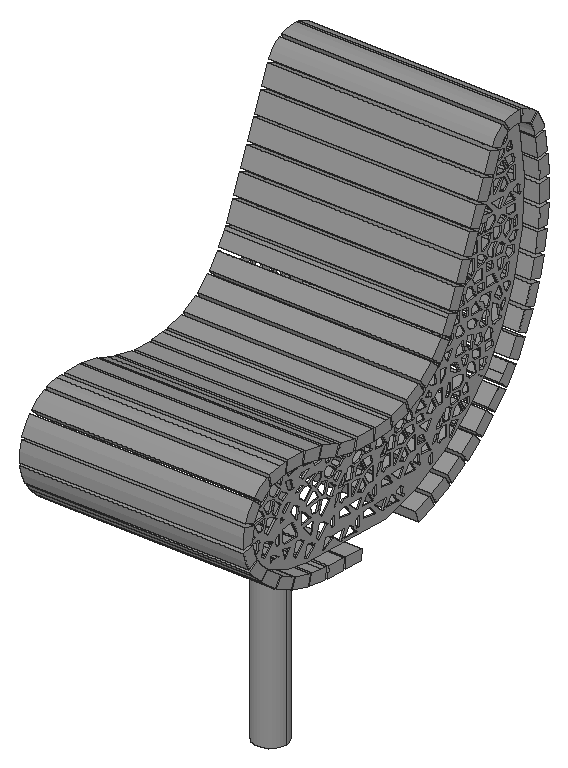
Revit family "Кресло стальное «Филигран Уно» Арт 14883", category Антураж, Revit 2018 (continued)
Automatic sketch dimensions
  Extrusion 3 sketch curve to Extrusion 3 sketch curve = 15.234 mm  (x2)
  Extrusion 3 sketch curve to Extrusion 3 sketch curve = 5.509 mm  (x3)
  Extrusion 3 sketch curve to Extrusion 3 sketch curve = 11.438 mm  (x2)
  Extrusion 3 sketch curve to Extrusion 3 sketch curve = 1.644 mm  (x2)
  Extrusion 3 sketch curve to Extrusion 3 sketch curve = 11.98 mm  (x2)
  Extrusion 3 sketch curve to Extrusion 3 sketch curve = 17.81 mm  (x2)
  Extrusion 3 sketch curve to Extrusion 3 sketch curve = 4.42 mm
  Extrusion 3 sketch curve to Extrusion 3 sketch curve = 9.009 mm  (x2)
  Extrusion 3 sketch curve to Extrusion 3 sketch curve = 1.865 mm
  Extrusion 3 sketch curve to Extrusion 3 sketch curve = 6.1 mm
  Extrusion 3 sketch curve to Extrusion 3 sketch curve = 6.006 mm  (x2)
  Extrusion 3 sketch curve to Extrusion 3 sketch curve = 4.553 mm  (x2)
  Extrusion 3 sketch curve to Extrusion 3 sketch curve = 17.834 mm
  Extrusion 3 sketch curve to Extrusion 3 sketch curve = 8.242 mm  (x2)
  Extrusion 3 sketch curve to Extrusion 3 sketch curve = 8.37 mm
  Extrusion 3 sketch curve to Extrusion 3 sketch curve = 12.564 mm
  Extrusion 3 sketch curve to Extrusion 3 sketch curve = 14.107 mm
  Extrusion 3 sketch curve to Extrusion 3 sketch curve = 23.441 mm
  Extrusion 3 sketch curve to Extrusion 3 sketch curve = 12.319 mm
  Extrusion 3 sketch curve to Extrusion 3 sketch curve = 8.253 mm
  Extrusion 3 sketch curve to Extrusion 3 sketch curve = 11.643 mm
  Extrusion 3 sketch curve to Extrusion 3 sketch curve = 24.574 mm
  Extrusion 3 sketch curve to Extrusion 3 sketch curve = 6.055 mm
  Extrusion 3 sketch curve to Extrusion 3 sketch curve = 8.436 mm
  Extrusion 3 sketch curve to Extrusion 3 sketch curve = 20.75 mm
  Extrusion 3 sketch curve to Extrusion 3 sketch curve = 23.953 mm
  Extrusion 3 sketch curve to Extrusion 3 sketch curve = 6.562 mm
  Extrusion 3 sketch curve to Extrusion 3 sketch curve = 23.705 mm
  Extrusion 3 sketch curve to Extrusion 3 sketch curve = 10.309 mm
  Extrusion 3 sketch curve to Extrusion 3 sketch curve = 22.862 mm
  Extrusion 3 sketch curve to Extrusion 3 sketch curve = 29.951 mm
  Extrusion 3 sketch curve to Extrusion 3 sketch curve = 7.533 mm
  Extrusion 3 sketch curve to Extrusion 3 sketch curve = 17.813 mm
  Extrusion 3 sketch curve to Extrusion 3 sketch curve = 0.406 mm
  Extrusion 3 sketch curve to Extrusion 3 sketch curve = 17.859 mm
  Extrusion 3 sketch curve to Extrusion 3 sketch curve = 17.864 mm
  Extrusion 3 sketch curve to Extrusion 3 sketch curve = 23.489 mm
  Extrusion 3 sketch curve to Extrusion 3 sketch curve = 8.187 mm
  Extrusion 3 sketch curve to Extrusion 3 sketch curve = 19.189 mm
  Extrusion 3 sketch curve to Extrusion 3 sketch curve = 20.131 mm
  Extrusion 3 sketch curve to Extrusion 3 sketch curve = 6.798 mm
  Extrusion 3 sketch curve to Extrusion 3 sketch curve = 0.43 mm
  Extrusion 3 sketch curve to Extrusion 3 sketch curve = 9.381 mm
  Extrusion 3 sketch curve to Extrusion 3 sketch curve = 14.908 mm
  Extrusion 3 sketch curve to Extrusion 3 sketch curve = 12.022 mm
  Extrusion 3 sketch curve to Extrusion 3 sketch curve = 9.086 mm
  Extrusion 3 sketch curve to Extrusion 3 sketch curve = 9.569 mm
  Extrusion 3 sketch curve to Extrusion 3 sketch curve = 6.408 mm
  Extrusion 3 sketch curve to Extrusion 3 sketch curve = 30.324 mm
  Extrusion 3 sketch curve to Extrusion 3 sketch curve = 14.418 mm
  Extrusion 3 sketch curve to Extrusion 3 sketch curve = 6.609 mm
  Extrusion 3 sketch curve to Extrusion 3 sketch curve = 17.679 mm
  Extrusion 3 sketch curve to Extrusion 3 sketch curve = 8.16 mm
  Extrusion 3 sketch curve to Extrusion 3 sketch curve = 0.14 mm
  Extrusion 3 sketch curve to Extrusion 3 sketch curve = 17.568 mm  (x2)
  Extrusion 3 sketch curve to Extrusion 3 sketch curve = 3.314 mm
  Extrusion 3 sketch curve to Extrusion 3 sketch curve = 7.025 mm
  Extrusion 3 sketch curve to Extrusion 3 sketch curve = 11.647 mm
  Extrusion 3 sketch curve to Extrusion 3 sketch curve = 20.148 mm
  Extrusion 3 sketch curve to Extrusion 3 sketch curve = 2.036 mm
  level to Extrusion 3 sketch curve = 195.57 mm
  Extrusion 3 sketch curve to Extrusion 3 sketch curve = 11.223 mm
  level to Extrusion 3 sketch curve = 159.244 mm
  Extrusion 3 sketch curve to Extrusion 3 sketch curve = 9.919 mm
  Extrusion 3 sketch curve to Extrusion 3 sketch curve = 42.006 mm
  Extrusion 3 sketch curve to Extrusion 3 sketch curve = 13.744 mm
  level to Extrusion 3 sketch curve = 192.552 mm
  level to Extrusion 3 sketch curve = 187.898 mm
  Extrusion 3 sketch curve to Extrusion 3 sketch curve = 11.734 mm
  level to Extrusion 3 sketch curve = 178.261 mm
  Extrusion 3 sketch curve to Extrusion 3 sketch curve = 7.672 mm
  Extrusion 3 sketch curve to Extrusion 3 sketch curve = 15.505 mm  (x2)
  Extrusion 3 sketch curve to Extrusion 3 sketch curve = 5.271 mm
  Extrusion 3 sketch curve to Extrusion 3 sketch curve = 17.321 mm  (x4)
  Extrusion 3 sketch curve to Extrusion 3 sketch curve = 9.549 mm
  Extrusion 3 sketch curve to Extrusion 3 sketch curve = 15.067 mm  (x4)
  Extrusion 3 sketch curve to Extrusion 3 sketch curve = 4.528 mm  (x4)
  Extrusion 3 sketch curve to Extrusion 3 sketch curve = 4.99 mm  (x4)
  level to Extrusion 3 sketch curve = 154.649 mm
  Extrusion 3 sketch curve to Extrusion 3 sketch curve = 25.577 mm
  Extrusion 3 sketch curve to Extrusion 3 sketch curve = 4.865 mm  (x4)
  Extrusion 3 sketch curve to Extrusion 3 sketch curve = 0.267 mm
  Extrusion 3 sketch curve to Extrusion 3 sketch curve = 3.555 mm
  Extrusion 3 sketch curve to Extrusion 3 sketch curve = 10.607 mm  (x20)
  Extrusion 3 sketch curve to Extrusion 3 sketch curve = 17.251 mm
  level to Extrusion 3 sketch curve = 157.902 mm
  Extrusion 3 sketch curve to Extrusion 3 sketch curve = 10.575 mm  (x5)
  Extrusion 3 sketch curve to Extrusion 3 sketch curve = 11.916 mm  (x4)
  Extrusion 3 sketch curve to Extrusion 3 sketch curve = 14.864 mm
  Extrusion 3 sketch curve to Extrusion 3 sketch curve = 11.465 mm  (x4)
  Extrusion 3 sketch curve to Extrusion 3 sketch curve = 12.74 mm  (x5)
  Extrusion 3 sketch curve to Extrusion 3 sketch curve = 5.099 mm  (x5)
  Extrusion 3 sketch curve to Extrusion 3 sketch curve = 0.543 mm  (x4)
  Extrusion 3 sketch curve to Extrusion 3 sketch curve = 15.061 mm
  Extrusion 3 sketch curve to Extrusion 3 sketch curve = 10.202 mm  (x2)
  Extrusion 3 sketch curve to Extrusion 3 sketch curve = 4.406 mm  (x7)
  Extrusion 3 sketch curve to Extrusion 3 sketch curve = 10.434 mm
  Extrusion 3 sketch curve to Extrusion 3 sketch curve = 8.406 mm  (x4)
  Extrusion 3 sketch curve to Extrusion 3 sketch curve = 7.822 mm  (x3)
  Extrusion 3 sketch curve to Extrusion 3 sketch curve = 16.823 mm  (x4)
  Extrusion 3 sketch curve to Extrusion 3 sketch curve = 28.434 mm
  Extrusion 3 sketch curve to Extrusion 3 sketch curve = 100.074 mm
  level to Extrusion 3 sketch curve = 190.472 mm
  Extrusion 3 sketch curve to Extrusion 3 sketch curve = 18.112 mm  (x5)
  Extrusion 3 sketch curve to Extrusion 3 sketch curve = 12.641 mm  (x4)
  Extrusion 3 sketch curve to Extrusion 3 sketch curve = 16.064 mm  (x3)
  Extrusion 3 sketch curve to Extrusion 3 sketch curve = 6.16 mm  (x4)
  Extrusion 3 sketch curve to Extrusion 3 sketch curve = 5.12 mm  (x7)
  level to Extrusion 3 sketch curve = 215.031 mm
  Extrusion 3 sketch curve to Extrusion 3 sketch curve = 7.908 mm  (x2)
  Extrusion 3 sketch curve to Extrusion 3 sketch curve = 6.018 mm  (x4)
  Extrusion 3 sketch curve to Extrusion 3 sketch curve = 13.056 mm  (x3)
  Extrusion 3 sketch curve to Extrusion 3 sketch curve = 8.976 mm  (x8)
  Extrusion 3 sketch curve to Extrusion 3 sketch curve = 11.633 mm  (x4)
  level to Extrusion 3 sketch curve = 191.279 mm
  Extrusion 3 sketch curve to Extrusion 3 sketch curve = 15.9 mm  (x2)
  Extrusion 3 sketch curve to Extrusion 3 sketch curve = 8.078 mm  (x4)
  Extrusion 3 sketch curve to Extrusion 3 sketch curve = 2.678 mm  (x4)
  level to Extrusion 3 sketch curve = 166.886 mm
  Extrusion 3 sketch curve to Extrusion 3 sketch curve = 4.301 mm  (x2)
  Extrusion 3 sketch curve to Extrusion 3 sketch curve = 6.79 mm  (x4)
  level to Extrusion 3 sketch curve = 155.121 mm
  Extrusion 3 sketch curve to Extrusion 3 sketch curve = 25.405 mm
  Extrusion 3 sketch curve to Extrusion 3 sketch curve = 14.319 mm  (x3)
  level to Extrusion 3 sketch curve = 212.727 mm
  Extrusion 3 sketch curve to Extrusion 3 sketch curve = 21.259 mm  (x3)
  level to Extrusion 3 sketch curve = 215.98 mm
  Extrusion 3 sketch curve to Extrusion 3 sketch curve = 20.391 mm  (x5)
  Extrusion 3 sketch curve to Extrusion 3 sketch curve = 0.117 mm  (x5)
  Extrusion 3 sketch curve to Extrusion 3 sketch curve = 26.324 mm  (x4)
  Extrusion 3 sketch curve to Extrusion 3 sketch curve = 43.77 mm
  Extrusion 3 sketch curve to Extrusion 3 sketch curve = 5.229 mm  (x7)
  Extrusion 3 sketch curve to Extrusion 3 sketch curve = 4.229 mm  (x4)
  Extrusion 3 sketch curve to Extrusion 3 sketch curve = 7.257 mm  (x4)
  level to Extrusion 3 sketch curve = 255.433 mm
  Extrusion 3 sketch curve to Extrusion 3 sketch curve = 22.968 mm  (x4)
  level to Extrusion 3 sketch curve = 245.976 mm
  Extrusion 3 sketch curve to Extrusion 3 sketch curve = 1.603 mm  (x4)
  Extrusion 3 sketch curve to Extrusion 3 sketch curve = 3.123 mm  (x4)
  Extrusion 3 sketch curve to Extrusion 3 sketch curve = 5.494 mm  (x4)
  Extrusion 3 sketch curve to Extrusion 3 sketch curve = 1.883 mm
  Extrusion 3 sketch curve to Extrusion 3 sketch curve = 6.202 mm  (x4)
  Extrusion 3 sketch curve to Extrusion 3 sketch curve = 6.669 mm  (x4)
  Extrusion 3 sketch curve to Extrusion 3 sketch curve = 6.325 mm  (x4)
  level to Extrusion 3 sketch curve = 315.436 mm
  Extrusion 3 sketch curve to Extrusion 3 sketch curve = 5.321 mm  (x10)
  Extrusion 3 sketch curve to Extrusion 3 sketch curve = 8.724 mm
  Extrusion 3 sketch curve to Extrusion 3 sketch curve = 5.428 mm  (x4)
  level to Extrusion 3 sketch curve = 268.268 mm  (x2)
  Extrusion 3 sketch curve to Extrusion 3 sketch curve = 18.33 mm  (x4)
  level to Extrusion 3 sketch curve = 248.551 mm
  Extrusion 3 sketch curve to Extrusion 3 sketch curve = 6.354 mm  (x4)
  Extrusion 3 sketch curve to Extrusion 3 sketch curve = 3.929 mm  (x3)
  Extrusion 3 sketch curve to Extrusion 3 sketch curve = 6.923 mm  (x4)
  level to Extrusion 3 sketch curve = 205.532 mm
  Extrusion 3 sketch curve to Extrusion 3 sketch curve = 24.62 mm  (x3)
  Extrusion 3 sketch curve to Extrusion 3 sketch curve = 9.382 mm  (x4)
  Extrusion 3 sketch curve to Extrusion 3 sketch curve = 25 mm  (x7)
  Extrusion 3 sketch curve to Extrusion 3 sketch curve = 22.031 mm
  level to Extrusion 3 sketch curve = 249.357 mm
  Extrusion 3 sketch curve to Extrusion 3 sketch curve = 1.544 mm  (x4)
  Extrusion 3 sketch curve to Extrusion 3 sketch curve = 12.863 mm
  level to Extrusion 3 sketch curve = 320.458 mm
  Extrusion 3 sketch curve to Extrusion 3 sketch curve = 20.317 mm  (x3)
  level to Extrusion 3 sketch curve = 202.714 mm
  Extrusion 3 sketch curve to Extrusion 3 sketch curve = 3.418 mm  (x4)
  level to Extrusion 3 sketch curve = 213.199 mm
  Extrusion 3 sketch curve to Extrusion 3 sketch curve = 0.592 mm
  Extrusion 3 sketch curve to Extrusion 3 sketch curve = 11.692 mm
  level to Extrusion 3 sketch curve = 279.739 mm
  Extrusion 3 sketch curve to Extrusion 3 sketch curve = 5.444 mm
  Extrusion 3 sketch curve to Extrusion 3 sketch curve = 4.112 mm  (x2)
  level to Extrusion 3 sketch curve = 263.226 mm
  Extrusion 3 sketch curve to Extrusion 3 sketch curve = 10.952 mm
  level to Extrusion 3 sketch curve = 171.769 mm
  Extrusion 3 sketch curve to Extrusion 3 sketch curve = 11.99 mm
  Extrusion 3 sketch curve to Extrusion 3 sketch curve = 15.135 mm
  level to Extrusion 3 sketch curve = 289.739 mm
  Extrusion 3 sketch curve to Extrusion 3 sketch curve = 9.229 mm  (x3)
  level to Extrusion 3 sketch curve = 286.957 mm
  Extrusion 3 sketch curve to Extrusion 3 sketch curve = 7.798 mm
  level to Extrusion 3 sketch curve = 169.465 mm
  level to Extrusion 3 sketch curve = 276.35 mm
  level to Extrusion 3 sketch curve = 172.718 mm
  level to Extrusion 3 sketch curve = 358.568 mm
  Extrusion 3 sketch curve to Extrusion 3 sketch curve = 12.99 mm  (x2)
  level to Extrusion 3 sketch curve = 263.61 mm
  Extrusion 3 sketch curve to Extrusion 3 sketch curve = 7.784 mm  (x2)
  Extrusion 3 sketch curve to Extrusion 3 sketch curve = 22.514 mm
  Extrusion 3 sketch curve to Extrusion 3 sketch curve = 18.098 mm
  Extrusion 3 sketch curve to Extrusion 3 sketch curve = 36.056 mm
  level to Extrusion 3 sketch curve = 205.289 mm
  level to Extrusion 3 sketch curve = 229.847 mm
  level to Extrusion 3 sketch curve = 199.454 mm
  Extrusion 3 sketch curve to Extrusion 3 sketch curve = 9.87 mm  (x4)
  level to Extrusion 3 sketch curve = 272.668 mm
  level to Extrusion 3 sketch curve = 169.937 mm
  Extrusion 3 sketch curve to Extrusion 3 sketch curve = 14.884 mm  (x3)
  level to Extrusion 3 sketch curve = 227.544 mm
  Extrusion 3 sketch curve to plane 5 = 524.764 mm
  level to Extrusion 3 sketch curve = 217.938 mm
  Extrusion 3 sketch curve to Extrusion 3 sketch curve = 7.1 mm
  level to Extrusion 3 sketch curve = 230.797 mm
  level to Extrusion 3 sketch curve = 173.993 mm
  Extrusion 3 sketch curve to Extrusion 3 sketch curve = 19.262 mm  (x3)
  Extrusion 3 sketch curve to Extrusion 3 sketch curve = 15.683 mm
  level to Extrusion 3 sketch curve = 330.253 mm
  Extrusion 3 sketch curve to Extrusion 3 sketch curve = 4.924 mm
  Extrusion 3 sketch curve to Extrusion 3 sketch curve = 9.226 mm
  Extrusion 3 sketch curve to Extrusion 3 sketch curve = 16.773 mm
  Extrusion 3 sketch curve to Extrusion 3 sketch curve = 6.819 mm
  Extrusion 3 sketch curve to Extrusion 3 sketch curve = 0.813 mm
  Extrusion 3 sketch curve to Extrusion 3 sketch curve = 16.912 mm
  Extrusion 3 sketch curve to Extrusion 3 sketch curve = 8.428 mm
  Extrusion 3 sketch curve to Extrusion 3 sketch curve = 19.215 mm  (x2)
  level to Extrusion 3 sketch curve = 228.016 mm
  Extrusion 3 sketch curve to Extrusion 3 sketch curve = 1.87 mm
  Extrusion 3 sketch curve to Extrusion 3 sketch curve = 15.062 mm
  Extrusion 3 sketch curve to Extrusion 3 sketch curve = 14.715 mm
  Extrusion 3 sketch curve to Extrusion 3 sketch curve = 11.789 mm
  Extrusion 3 sketch curve to Extrusion 3 sketch curve = 11.513 mm  (x2)
  Extrusion 3 sketch curve to Extrusion 3 sketch curve = 9.219 mm
  Extrusion 3 sketch curve to Extrusion 3 sketch curve = 7.714 mm
  Extrusion 3 sketch curve to Extrusion 3 sketch curve = 21.923 mm
  Extrusion 3 sketch curve to Extrusion 3 sketch curve = 1.982 mm
  Extrusion 3 sketch curve to Extrusion 3 sketch curve = 18.959 mm
  Extrusion 3 sketch curve to Extrusion 3 sketch curve = 0.911 mm
  Extrusion 3 sketch curve to Extrusion 3 sketch curve = 1.43 mm
  Extrusion 3 sketch curve to Extrusion 3 sketch curve = 6.661 mm
  Extrusion 3 sketch curve to Extrusion 3 sketch curve = 25.479 mm
  Extrusion 3 sketch curve to Extrusion 3 sketch curve = 8.112 mm  (x2)
  Extrusion 3 sketch curve to Extrusion 3 sketch curve = 19.912 mm
  Extrusion 3 sketch curve to Extrusion 3 sketch curve = 3.975 mm
  Extrusion 3 sketch curve to Extrusion 3 sketch curve = 9.224 mm
  Extrusion 3 sketch curve to Extrusion 3 sketch curve = 12.58 mm
  Extrusion 3 sketch curve to Extrusion 3 sketch curve = 16.892 mm
  Extrusion 3 sketch curve to Extrusion 3 sketch curve = 4.209 mm
  Extrusion 3 sketch curve to Extrusion 3 sketch curve = 4.709 mm
  Extrusion 3 sketch curve to Extrusion 3 sketch curve = 26.354 mm
  Extrusion 3 sketch curve to Extrusion 3 sketch curve = 4.346 mm
  Extrusion 3 sketch curve to Extrusion 3 sketch curve = 6.993 mm  (x2)
  Extrusion 3 sketch curve to Extrusion 3 sketch curve = 12.588 mm
  Extrusion 3 sketch curve to Extrusion 3 sketch curve = 8.17 mm
  Extrusion 3 sketch curve to Extrusion 3 sketch curve = 0.908 mm
  Extrusion 3 sketch curve to Extrusion 3 sketch curve = 10.88 mm  (x2)
  Extrusion 3 sketch curve to Extrusion 3 sketch curve = 4.074 mm
  Extrusion 3 sketch curve to Extrusion 3 sketch curve = 6.38 mm
  Extrusion 3 sketch curve to Extrusion 3 sketch curve = 5.724 mm
  Extrusion 3 sketch curve to Extrusion 3 sketch curve = 10.295 mm
  Extrusion 3 sketch curve to Extrusion 3 sketch curve = 25.757 mm
  Extrusion 3 sketch curve to Extrusion 3 sketch curve = 17.471 mm
  Extrusion 3 sketch curve to Extrusion 3 sketch curve = 8.82 mm
  Extrusion 3 sketch curve to Extrusion 3 sketch curve = 2.529 mm
  Extrusion 3 sketch curve to Extrusion 3 sketch curve = 19.531 mm
  Extrusion 3 sketch curve to Extrusion 3 sketch curve = 2.069 mm
  Extrusion 3 sketch curve to Extrusion 3 sketch curve = 15.946 mm
  Extrusion 3 sketch curve to Extrusion 3 sketch curve = 11.218 mm
  Extrusion 3 sketch curve to Extrusion 3 sketch curve = 10.722 mm
  Extrusion 3 sketch curve to Extrusion 3 sketch curve = 5.953 mm  (x2)
  Extrusion 3 sketch curve to Extrusion 3 sketch curve = 0.697 mm
  Extrusion 3 sketch curve to Extrusion 3 sketch curve = 5 mm
  Extrusion 3 sketch curve to Extrusion 3 sketch curve = 5.13 mm  (x5)
  Extrusion 3 sketch curve to Extrusion 3 sketch curve = 19.268 mm
  Extrusion 3 sketch curve to Extrusion 3 sketch curve = 3.877 mm
  Extrusion 3 sketch curve to Extrusion 3 sketch curve = 0.316 mm
  Extrusion 3 sketch curve to Extrusion 3 sketch curve = 10.465 mm
  Extrusion 3 sketch curve to Extrusion 3 sketch curve = 0.382 mm
  Extrusion 3 sketch curve to Extrusion 3 sketch curve = 19.205 mm
  Extrusion 3 sketch curve to Extrusion 3 sketch curve = 10 mm  (x5)
  Extrusion 3 sketch curve to Extrusion 3 sketch curve = 6.796 mm
  Extrusion 3 sketch curve to Extrusion 3 sketch curve = 10.868 mm
  Extrusion 3 sketch curve to Extrusion 3 sketch curve = 4.78 mm
  Extrusion 3 sketch curve to Extrusion 3 sketch curve = 16.988 mm
  Extrusion 3 sketch curve to Extrusion 3 sketch curve = 2.408 mm
  Extrusion 3 sketch curve to Extrusion 3 sketch curve = 11.773 mm
  Extrusion 3 sketch curve to Extrusion 3 sketch curve = 14.493 mm
  Extrusion 3 sketch curve to Extrusion 3 sketch curve = 1.312 mm
  Extrusion 3 sketch curve to Extrusion 3 sketch curve = 3.239 mm
  Extrusion 3 sketch curve to Extrusion 3 sketch curve = 3.705 mm
  Extrusion 3 sketch curve to Extrusion 3 sketch curve = 14.283 mm
  Extrusion 3 sketch curve to Extrusion 3 sketch curve = 18.99 mm
  Extrusion 3 sketch curve to Extrusion 3 sketch curve = 8.688 mm
  Extrusion 3 sketch curve to Extrusion 3 sketch curve = 12.673 mm
  Extrusion 3 sketch curve to Extrusion 3 sketch curve = 5.285 mm
  Extrusion 3 sketch curve to Extrusion 3 sketch curve = 11.156 mm
  Extrusion 3 sketch curve to Extrusion 3 sketch curve = 2.013 mm
  Extrusion 3 sketch curve to Extrusion 3 sketch curve = 8.553 mm
  Extrusion 3 sketch curve to Extrusion 3 sketch curve = 14.423 mm
  Extrusion 3 sketch curve to Extrusion 3 sketch curve = 3.471 mm
  Extrusion 3 sketch curve to Extrusion 3 sketch curve = 21.196 mm
  Extrusion 3 sketch curve to Extrusion 3 sketch curve = 1.557 mm
  Extrusion 3 sketch curve to Extrusion 3 sketch curve = 10.334 mm
  Extrusion 3 sketch curve to Extrusion 3 sketch curve = 8.058 mm
  Extrusion 3 sketch curve to Extrusion 3 sketch curve = 1.189 mm
  Extrusion 3 sketch curve to Extrusion 3 sketch curve = 15.702 mm
  Extrusion 3 sketch curve to Extrusion 3 sketch curve = 14.995 mm
  Extrusion 3 sketch curve to Extrusion 3 sketch curve = 22.163 mm
  Extrusion 3 sketch curve to Extrusion 3 sketch curve = 0.877 mm
  Extrusion 3 sketch curve to Extrusion 3 sketch curve = 14.363 mm
  Extrusion 3 sketch curve to Extrusion 3 sketch curve = 14.942 mm
  Extrusion 3 sketch curve to Extrusion 3 sketch curve = 2.754 mm
  Extrusion 3 sketch curve to Extrusion 3 sketch curve = 9.298 mm
  Extrusion 3 sketch curve to Extrusion 3 sketch curve = 8.489 mm
  Extrusion 3 sketch curve to Extrusion 3 sketch curve = 13.865 mm
  Extrusion 3 sketch curve to Extrusion 3 sketch curve = 0.219 mm
  Extrusion 3 sketch curve to Extrusion 3 sketch curve = 3.349 mm
  Extrusion 3 sketch curve to Extrusion 3 sketch curve = 8.38 mm  (x2)
  Extrusion 3 sketch curve to Extrusion 3 sketch curve = 2.693 mm
  Extrusion 3 sketch curve to Extrusion 3 sketch curve = 11.505 mm
  Extrusion 3 sketch curve to Extrusion 3 sketch curve = 19.176 mm
  Extrusion 3 sketch curve to Extrusion 3 sketch curve = 3.495 mm
  Extrusion 3 sketch curve to Extrusion 3 sketch curve = 6.243 mm
  Extrusion 3 sketch curve to Extrusion 3 sketch curve = 6.686 mm
  Extrusion 3 sketch curve to Extrusion 3 sketch curve = 9.677 mm
  Extrusion 3 sketch curve to Extrusion 3 sketch curve = 11.086 mm
  Extrusion 3 sketch curve to Extrusion 3 sketch curve = 11.27 mm
  Extrusion 3 sketch curve to Extrusion 3 sketch curve = 6.996 mm
  Extrusion 3 sketch curve to Extrusion 3 sketch curve = 7.759 mm
  Extrusion 3 sketch curve to Extrusion 3 sketch curve = 24.934 mm  (x2)
  Extrusion 3 sketch curve to Extrusion 3 sketch curve = 1.1 mm
  Extrusion 3 sketch curve to Extrusion 3 sketch curve = 6.172 mm
  Extrusion 3 sketch curve to Extrusion 3 sketch curve = 11.34 mm
  Extrusion 3 sketch curve to Extrusion 3 sketch curve = 21.723 mm
  Extrusion 3 sketch curve to Extrusion 3 sketch curve = 8.508 mm
  Extrusion 3 sketch curve to Extrusion 3 sketch curve = 1.781 mm
  Extrusion 3 sketch curve to Extrusion 3 sketch curve = 13.835 mm
  Extrusion 3 sketch curve to Extrusion 3 sketch curve = 6.93 mm
  Extrusion 3 sketch curve to Extrusion 3 sketch curve = 6.309 mm
  Extrusion 3 sketch curve to Extrusion 3 sketch curve = 20.837 mm
  Extrusion 3 sketch curve to Extrusion 3 sketch curve = 7.967 mm
  Extrusion 3 sketch curve to Extrusion 3 sketch curve = 4.788 mm
  Extrusion 3 sketch curve to Extrusion 3 sketch curve = 13.73 mm
  Extrusion 3 sketch curve to Extrusion 3 sketch curve = 11.901 mm
  Extrusion 3 sketch curve to Extrusion 3 sketch curve = 10.147 mm
  Extrusion 3 sketch curve to Extrusion 3 sketch curve = 5.206 mm
  Extrusion 3 sketch curve to Extrusion 3 sketch curve = 3.558 mm
  Extrusion 3 sketch curve to Extrusion 3 sketch curve = 15.97 mm
  Extrusion 3 sketch curve to Extrusion 3 sketch curve = 3.442 mm
  Extrusion 3 sketch curve to Extrusion 3 sketch curve = 1.821 mm
  Extrusion 3 sketch curve to Extrusion 3 sketch curve = 12.15 mm
  Extrusion 3 sketch curve to Extrusion 3 sketch curve = 8.222 mm
  Extrusion 3 sketch curve to Extrusion 3 sketch curve = 9.37 mm
  Extrusion 3 sketch curve to Extrusion 3 sketch curve = 2.475 mm
  Extrusion 3 sketch curve to Extrusion 3 sketch curve = 3.1 mm
  Extrusion 3 sketch curve to Extrusion 3 sketch curve = 4.807 mm
  Extrusion 3 sketch curve to Extrusion 3 sketch curve = 8.887 mm
  Extrusion 3 sketch curve to Extrusion 3 sketch curve = 14.536 mm
  Extrusion 3 sketch curve to Extrusion 3 sketch curve = 16.383 mm
  Extrusion 3 sketch curve to Extrusion 3 sketch curve = 10.873 mm  (x2)
  Extrusion 3 sketch curve to Extrusion 3 sketch curve = 7.69 mm
  Extrusion 3 sketch curve to Extrusion 3 sketch curve = 32.081 mm
  Extrusion 3 sketch curve to Extrusion 3 sketch curve = 14.943 mm
  Extrusion 3 sketch curve to Extrusion 3 sketch curve = 0.87 mm
  Extrusion 3 sketch curve to Extrusion 3 sketch curve = 6.622 mm
  Extrusion 3 sketch curve to Extrusion 3 sketch curve = 0.135 mm
  Extrusion 3 sketch curve to Extrusion 3 sketch curve = 2.055 mm
  Extrusion 3 sketch curve to Extrusion 3 sketch curve = 10.536 mm
  Extrusion 3 sketch curve to Extrusion 3 sketch curve = 0.59 mm
  Extrusion 3 sketch curve to Extrusion 3 sketch curve = 2.246 mm
  Extrusion 3 sketch curve to Extrusion 3 sketch curve = 7.885 mm
  Extrusion 3 sketch curve to Extrusion 3 sketch curve = 3.013 mm
  Extrusion 3 sketch curve to Extrusion 3 sketch curve = 4.134 mm
  Extrusion 3 sketch curve to Extrusion 3 sketch curve = 13.735 mm
  Extrusion 3 sketch curve to Extrusion 3 sketch curve = 11.872 mm
  Extrusion 3 sketch curve to Extrusion 3 sketch curve = 11.061 mm
  Extrusion 3 sketch curve to Extrusion 3 sketch curve = 1.768 mm
  Extrusion 3 sketch curve to Extrusion 3 sketch curve = 7.8 mm
  Extrusion 3 sketch curve to Extrusion 3 sketch curve = 14.298 mm
  Extrusion 3 sketch curve to Extrusion 3 sketch curve = 28.716 mm
  Extrusion 3 sketch curve to Extrusion 3 sketch curve = 0.844 mm
  Extrusion 3 sketch curve to Extrusion 3 sketch curve = 10.413 mm
  Extrusion 3 sketch curve to Extrusion 3 sketch curve = 5.817 mm  (x2)
  Extrusion 3 sketch curve to Extrusion 3 sketch curve = 11.713 mm
  Extrusion 3 sketch curve to Extrusion 3 sketch curve = 6.781 mm
  Extrusion 3 sketch curve to Extrusion 3 sketch curve = 25.572 mm
  Extrusion 3 sketch curve to Extrusion 3 sketch curve = 9.358 mm
  Extrusion 3 sketch curve to Extrusion 3 sketch curve = 4.717 mm
  Extrusion 3 sketch curve to Extrusion 3 sketch curve = 18.255 mm
  Extrusion 3 sketch curve to Extrusion 3 sketch curve = 9.691 mm
  Extrusion 3 sketch curve to Extrusion 3 sketch curve = 6.507 mm
  Extrusion 3 sketch curve to Extrusion 3 sketch curve = 1.278 mm
  Extrusion 3 sketch curve to Extrusion 3 sketch curve = 5.632 mm
  Extrusion 3 sketch curve to Extrusion 3 sketch curve = 5.355 mm
  Extrusion 3 sketch curve to Extrusion 3 sketch curve = 10.816 mm
  Extrusion 3 sketch curve to Extrusion 3 sketch curve = 8.493 mm
  Extrusion 3 sketch curve to Extrusion 3 sketch curve = 9.047 mm
  Extrusion 3 sketch curve to Extrusion 3 sketch curve = 18.163 mm
  Extrusion 3 sketch curve to Extrusion 3 sketch curve = 12.918 mm
  Extrusion 3 sketch curve to Extrusion 3 sketch curve = 1.635 mm
  Extrusion 3 sketch curve to Extrusion 3 sketch curve = 7.709 mm
  Extrusion 3 sketch curve to Extrusion 3 sketch curve = 7.036 mm
  Extrusion 3 sketch curve to Extrusion 3 sketch curve = 18.856 mm
  Extrusion 3 sketch curve to Extrusion 3 sketch curve = 23.61 mm
  Extrusion 3 sketch curve to Extrusion 3 sketch curve = 6.687 mm
  Extrusion 3 sketch curve to plane 6 = 77.66 mm
  Extrusion 3 sketch curve to Extrusion 3 sketch curve = 13.694 mm
  Extrusion 3 sketch curve to Extrusion 3 sketch curve = 13.365 mm
  Extrusion 3 sketch curve to Extrusion 3 sketch curve = 10.029 mm
  Extrusion 3 sketch curve to Extrusion 3 sketch curve = 6.512 mm
  Extrusion 3 sketch curve to Extrusion 3 sketch curve = 3.813 mm
  Extrusion 3 sketch curve to Extrusion 3 sketch curve = 5.878 mm
  Extrusion 3 sketch curve to Extrusion 3 sketch curve = 13.881 mm
  Extrusion 3 sketch curve to Extrusion 3 sketch curve = 22.928 mm
  Extrusion 3 sketch curve to Extrusion 3 sketch curve = 2.579 mm
  Extrusion 3 sketch curve to Extrusion 3 sketch curve = 14.617 mm
  Extrusion 3 sketch curve to Extrusion 3 sketch curve = 21.071 mm
  Extrusion 3 sketch curve to Extrusion 3 sketch curve = 24.417 mm
  Extrusion 3 sketch curve to Extrusion 3 sketch curve = 7.446 mm
  Extrusion 3 sketch curve to Extrusion 3 sketch curve = 3.831 mm
  Extrusion 3 sketch curve to Extrusion 3 sketch curve = 6.187 mm
  Extrusion 3 sketch curve to Extrusion 3 sketch curve = 2.277 mm
  Extrusion 3 sketch curve to Extrusion 3 sketch curve = 7.072 mm  (x2)
  Extrusion 3 sketch curve to Extrusion 3 sketch curve = 4.649 mm
  Extrusion 3 sketch curve to Extrusion 3 sketch curve = 6.195 mm
  Extrusion 3 sketch curve to Extrusion 3 sketch curve = 5.935 mm
  Extrusion 3 sketch curve to Extrusion 3 sketch curve = 1.307 mm
  Extrusion 3 sketch curve to Extrusion 3 sketch curve = 6.531 mm
  Extrusion 3 sketch curve to Extrusion 3 sketch curve = 11.017 mm
  Extrusion 3 sketch curve to Extrusion 3 sketch curve = 5.712 mm
  Extrusion 3 sketch curve to Extrusion 3 sketch curve = 15.111 mm
  Extrusion 3 sketch curve to Extrusion 3 sketch curve = 4.066 mm
  Extrusion 3 sketch curve to Extrusion 3 sketch curve = 2.898 mm
  Extrusion 3 sketch curve to Extrusion 3 sketch curve = 3.776 mm
  Extrusion 3 sketch curve to Extrusion 3 sketch curve = 12.052 mm
  Extrusion 3 sketch curve to Extrusion 3 sketch curve = 8.743 mm
  Extrusion 3 sketch curve to Extrusion 3 sketch curve = 5.919 mm
  Extrusion 3 sketch curve to Extrusion 3 sketch curve = 11.103 mm
  Extrusion 3 sketch curve to Extrusion 3 sketch curve = 29.237 mm
  Extrusion 3 sketch curve to plane 6 = 81.403 mm
  Extrusion 3 sketch curve to Extrusion 3 sketch curve = 31.485 mm
  Extrusion 3 sketch curve to Extrusion 3 sketch curve = 0.763 mm
  Extrusion 3 sketch curve to Extrusion 3 sketch curve = 3.449 mm
  Extrusion 3 sketch curve to Extrusion 3 sketch curve = 7.377 mm  (x3)
  Extrusion 3 sketch curve to Extrusion 3 sketch curve = 29.033 mm
  Extrusion 3 sketch curve to Extrusion 3 sketch curve = 0.017 mm
  Extrusion 3 sketch curve to Extrusion 3 sketch curve = 11.071 mm
  Extrusion 3 sketch curve to Extrusion 3 sketch curve = 25.729 mm
  Extrusion 3 sketch curve to Extrusion 3 sketch curve = 3.915 mm
  Extrusion 3 sketch curve to Extrusion 3 sketch curve = 1.397 mm
  Extrusion 3 sketch curve to Extrusion 3 sketch curve = 2.77 mm
  Extrusion 3 sketch curve to Extrusion 3 sketch curve = 5.075 mm
  Extrusion 3 sketch curve to Extrusion 3 sketch curve = 8.929 mm
  Extrusion 3 sketch curve to Extrusion 3 sketch curve = 5.103 mm
  Extrusion 3 sketch curve to Extrusion 3 sketch curve = 4.69 mm
  Extrusion 3 sketch curve to Extrusion 3 sketch curve = 10.95 mm
  Extrusion 3 sketch curve to Extrusion 3 sketch curve = 1.93 mm
  Extrusion 3 sketch curve to Extrusion 3 sketch curve = 3.619 mm
  Extrusion 3 sketch curve to Extrusion 3 sketch curve = 27.333 mm
  Extrusion 3 sketch curve to Extrusion 3 sketch curve = 1.167 mm
  Extrusion 3 sketch curve to Extrusion 3 sketch curve = 2.443 mm
  Extrusion 3 sketch curve to Extrusion 3 sketch curve = 3.71 mm
  Extrusion 3 sketch curve to Extrusion 3 sketch curve = 4.75 mm
  Extrusion 3 sketch curve to Extrusion 3 sketch curve = 7.057 mm
  Extrusion 3 sketch curve to Extrusion 3 sketch curve = 12.603 mm
  Extrusion 3 sketch curve to Extrusion 3 sketch curve = 2.54 mm
  Extrusion 3 sketch curve to Extrusion 3 sketch curve = 6.852 mm
  Extrusion 3 sketch curve to Extrusion 3 sketch curve = 0.602 mm
  Extrusion 3 sketch curve to Extrusion 3 sketch curve = 22.496 mm
  Extrusion 3 sketch curve to Extrusion 3 sketch curve = 20.648 mm
  Extrusion 3 sketch curve to Extrusion 3 sketch curve = 7.067 mm
  Extrusion 3 sketch curve to Extrusion 3 sketch curve = 3.52 mm
  Extrusion 3 sketch curve to Extrusion 3 sketch curve = 24.575 mm
  Extrusion 3 sketch curve to Extrusion 3 sketch curve = 3.575 mm
  Extrusion 3 sketch curve to Extrusion 3 sketch curve = 3.263 mm
  Extrusion 3 sketch curve to Extrusion 3 sketch curve = 17.549 mm
  Extrusion 3 sketch curve to Extrusion 3 sketch curve = 3.871 mm
  Extrusion 3 sketch curve to Extrusion 3 sketch curve = 7.323 mm
  Extrusion 3 sketch curve to Extrusion 3 sketch curve = 8.596 mm
  Extrusion 3 sketch curve to Extrusion 3 sketch curve = 30.952 mm
  Extrusion 3 sketch curve to Extrusion 3 sketch curve = 17.372 mm
  Extrusion 3 sketch curve to Extrusion 3 sketch curve = 4.631 mm
  Extrusion 3 sketch curve to Extrusion 3 sketch curve = 17.003 mm
  Extrusion 3 sketch curve to Extrusion 3 sketch curve = 11.594 mm
  Extrusion 3 sketch curve to Extrusion 3 sketch curve = 4.32 mm
  Extrusion 3 sketch curve to Extrusion 3 sketch curve = 2.399 mm
  Extrusion 3 sketch curve to Extrusion 3 sketch curve = 11.033 mm
  Extrusion 3 sketch curve to Extrusion 3 sketch curve = 4.327 mm
  Extrusion 3 sketch curve to Extrusion 3 sketch curve = 5.03 mm
  Extrusion 3 sketch curve to Extrusion 3 sketch curve = 20 mm  (x4)
  Extrusion 3 sketch curve to Extrusion 3 sketch curve = 23.148 mm
  Extrusion 3 sketch curve to Extrusion 3 sketch curve = 4.187 mm
  Extrusion 3 sketch curve to Extrusion 3 sketch curve = 5.401 mm
  Extrusion 3 sketch curve to Extrusion 3 sketch curve = 6.226 mm
  Extrusion 3 sketch curve to Extrusion 3 sketch curve = 14.506 mm
  Extrusion 3 sketch curve to Extrusion 3 sketch curve = 6.095 mm
  Extrusion 3 sketch curve to Extrusion 3 sketch curve = 6.586 mm
  Extrusion 3 sketch curve to Extrusion 3 sketch curve = 2.769 mm
  Extrusion 3 sketch curve to Extrusion 3 sketch curve = 3.053 mm  (x3)
  Extrusion 3 sketch curve to Extrusion 3 sketch curve = 10.283 mm
  Extrusion 3 sketch curve to Extrusion 3 sketch curve = 14.773 mm
  Extrusion 3 sketch curve to Extrusion 3 sketch curve = 12.913 mm
  Extrusion 3 sketch curve to Extrusion 3 sketch curve = 9.856 mm  (x2)
  Extrusion 3 sketch curve to Extrusion 3 sketch curve = 4.897 mm
  Extrusion 3 sketch curve to Extrusion 3 sketch curve = 6.053 mm
  Extrusion 3 sketch curve to Extrusion 3 sketch curve = 19.97 mm
  Extrusion 3 sketch curve to Extrusion 3 sketch curve = 5.748 mm
  Extrusion 3 sketch curve to Extrusion 3 sketch curve = 7.957 mm
  Extrusion 3 sketch curve to Extrusion 3 sketch curve = 12.523 mm
  Extrusion 3 sketch curve to Extrusion 3 sketch curve = 1.075 mm
  Extrusion 3 sketch curve to Extrusion 3 sketch curve = 7.313 mm
  Extrusion 3 sketch curve to Extrusion 3 sketch curve = 5.16 mm
  Extrusion 3 sketch curve to Extrusion 3 sketch curve = 6.161 mm
  Extrusion 3 sketch curve to Extrusion 3 sketch curve = 14.142 mm  (x2)
  Extrusion 3 sketch curve to Extrusion 3 sketch curve = 14.873 mm
  Extrusion 3 sketch curve to Extrusion 3 sketch curve = 9.884 mm  (x2)
  Extrusion 3 sketch curve to Extrusion 3 sketch curve = 6.248 mm
  Extrusion 3 sketch curve to Extrusion 3 sketch curve = 20.718 mm
  Extrusion 3 sketch curve to Extrusion 3 sketch curve = 6.186 mm
  Extrusion 3 sketch curve to Extrusion 3 sketch curve = 1.706 mm
  Extrusion 3 sketch curve to Extrusion 3 sketch curve = 17.108 mm
  Extrusion 3 sketch curve to Extrusion 3 sketch curve = 0.509 mm
  Extrusion 3 sketch curve to Extrusion 3 sketch curve = 7.526 mm
  Extrusion 3 sketch curve to Extrusion 3 sketch curve = 31.192 mm
  Extrusion 3 sketch curve to Extrusion 3 sketch curve = 7.021 mm
  Extrusion 3 sketch curve to Extrusion 3 sketch curve = 14.305 mm  (x3)
  Extrusion 3 sketch curve to Extrusion 3 sketch curve = 13.326 mm
  Extrusion 3 sketch curve to Extrusion 3 sketch curve = 5.153 mm
  Extrusion 3 sketch curve to Extrusion 3 sketch curve = 3.532 mm  (x7)
  Extrusion 3 sketch curve to Extrusion 3 sketch curve = 12.203 mm
  Extrusion 3 sketch curve to Extrusion 3 sketch curve = 13.908 mm  (x4)
  Extrusion 3 sketch curve to Extrusion 3 sketch curve = 14.79 mm
  Extrusion 3 sketch curve to Extrusion 3 sketch curve = 14.291 mm  (x5)
  Extrusion 3 sketch curve to Extrusion 3 sketch curve = 7.58 mm
  Extrusion 3 sketch curve to Extrusion 3 sketch curve = 9.411 mm
  Extrusion 3 sketch curve to Extrusion 3 sketch curve = 4.77 mm
  Extrusion 3 sketch curve to Extrusion 3 sketch curve = 22.25 mm
  Extrusion 3 sketch curve to Extrusion 3 sketch curve = 13.28 mm
  Extrusion 3 sketch curve to Extrusion 3 sketch curve = 10.078 mm
  Extrusion 3 sketch curve to Extrusion 3 sketch curve = 21.477 mm
  Extrusion 3 sketch curve to Extrusion 3 sketch curve = 15.249 mm
  Extrusion 3 sketch curve to Extrusion 3 sketch curve = 11.765 mm
  Extrusion 3 sketch curve to Extrusion 3 sketch curve = 29.408 mm
  Extrusion 3 sketch curve to Extrusion 3 sketch curve = 4.056 mm  (x2)
  Extrusion 3 sketch curve to Extrusion 3 sketch curve = 6.046 mm  (x2)
  Extrusion 3 sketch curve to Extrusion 3 sketch curve = 25.505 mm
  Extrusion 3 sketch curve to Extrusion 3 sketch curve = 20.815 mm
  Extrusion 3 sketch curve to Extrusion 3 sketch curve = 24.393 mm  (x2)
  Extrusion 3 sketch curve to Extrusion 3 sketch curve = 8.519 mm
  Extrusion 3 sketch curve to Extrusion 3 sketch curve = 3.957 mm  (x3)
  Extrusion 3 sketch curve to Extrusion 3 sketch curve = 2.818 mm  (x2)
  Extrusion 3 sketch curve to Extrusion 3 sketch curve = 17.596 mm
  Extrusion 3 sketch curve to Extrusion 3 sketch curve = 11.123 mm
  Extrusion 3 sketch curve to Extrusion 3 sketch curve = 37.704 mm
  Extrusion 3 sketch curve to Extrusion 3 sketch curve = 13.869 mm  (x2)
  Extrusion 3 sketch curve to Extrusion 3 sketch curve = 6.128 mm
  Extrusion 3 sketch curve to Extrusion 3 sketch curve = 29.517 mm  (x2)
  Extrusion 3 sketch curve to Extrusion 3 sketch curve = 11.876 mm  (x2)
  Extrusion 3 sketch curve to Extrusion 3 sketch curve = 15.17 mm  (x2)
  Extrusion 3 sketch curve to Extrusion 3 sketch curve = 3.124 mm
  Extrusion 3 sketch curve to Extrusion 3 sketch curve = 10.48 mm
  Extrusion 3 sketch curve to Extrusion 3 sketch curve = 5.17 mm
  Extrusion 3 sketch curve to Extrusion 3 sketch curve = 4.193 mm
  Extrusion 3 sketch curve to Extrusion 3 sketch curve = 3.26 mm  (x2)
  Extrusion 3 sketch curve to Extrusion 3 sketch curve = 15.949 mm  (x2)
  Extrusion 3 sketch curve to Extrusion 3 sketch curve = 2.32 mm
  Extrusion 3 sketch curve to Extrusion 3 sketch curve = 30.794 mm
  Extrusion 3 sketch curve to Extrusion 3 sketch curve = 5.835 mm  (x3)
  Extrusion 3 sketch curve to Extrusion 3 sketch curve = 16.513 mm  (x3)
  Extrusion 3 sketch curve to Extrusion 3 sketch curve = 7.454 mm  (x3)
  Extrusion 3 sketch curve to Extrusion 3 sketch curve = 5.409 mm  (x2)
  Extrusion 3 sketch curve to Extrusion 3 sketch curve = 1.326 mm  (x4)
  Extrusion 3 sketch curve to Extrusion 3 sketch curve = 9.457 mm  (x3)
  Extrusion 3 sketch curve to Extrusion 3 sketch curve = 2.782 mm  (x3)
  Extrusion 3 sketch curve to Extrusion 3 sketch curve = 11.332 mm  (x2)
  Extrusion 3 sketch curve to Extrusion 3 sketch curve = 13.151 mm
  Extrusion 3 sketch curve to Extrusion 3 sketch curve = 5.011 mm  (x2)
  Extrusion 3 sketch curve to Extrusion 3 sketch curve = 7.685 mm  (x2)
  Extrusion 3 sketch curve to Extrusion 3 sketch curve = 16.976 mm
  Extrusion 3 sketch curve to Extrusion 3 sketch curve = 6.849 mm
  Extrusion 3 sketch curve to Extrusion 3 sketch curve = 19.717 mm  (x2)
  Extrusion 3 sketch curve to Extrusion 3 sketch curve = 4.341 mm  (x5)
  Extrusion 3 sketch curve to Extrusion 3 sketch curve = 1.129 mm
  Extrusion 3 sketch curve to Extrusion 3 sketch curve = 19.827 mm  (x3)
  Extrusion 3 sketch curve to Extrusion 3 sketch curve = 6.329 mm
  Extrusion 3 sketch curve to Extrusion 3 sketch curve = 3.869 mm
  Extrusion 3 sketch curve to Extrusion 3 sketch curve = 12.925 mm
  Extrusion 3 sketch curve to Extrusion 3 sketch curve = 3.67 mm  (x4)
  Extrusion 3 sketch curve to Extrusion 3 sketch curve = 5.561 mm  (x2)
  Extrusion 3 sketch curve to Extrusion 3 sketch curve = 14.825 mm
  Extrusion 3 sketch curve to Extrusion 3 sketch curve = 1.506 mm  (x4)
  Extrusion 3 sketch curve to Extrusion 3 sketch curve = 33.192 mm
  Extrusion 3 sketch curve to Extrusion 3 sketch curve = 33.674 mm  (x4)
  Extrusion 3 sketch curve to Extrusion 3 sketch curve = 15.417 mm  (x2)
  Extrusion 3 sketch curve to Extrusion 3 sketch curve = 40.328 mm
  Extrusion 3 sketch curve to Extrusion 3 sketch curve = 1.06 mm  (x3)
  Extrusion 3 sketch curve to Extrusion 3 sketch curve = 0.441 mm  (x4)
  Extrusion 3 sketch curve to Extrusion 3 sketch curve = 3.554 mm  (x4)
  Extrusion 3 sketch curve to Extrusion 3 sketch curve = 23.436 mm  (x2)
  Extrusion 3 sketch curve to Extrusion 3 sketch curve = 8.73 mm  (x2)
  Extrusion 3 sketch curve to Extrusion 3 sketch curve = 7.917 mm
  Extrusion 3 sketch curve to Extrusion 3 sketch curve = 2.861 mm
  Extrusion 3 sketch curve to Extrusion 3 sketch curve = 6.857 mm  (x3)
  Extrusion 3 sketch curve to Extrusion 3 sketch curve = 9.824 mm
  Extrusion 3 sketch curve to Extrusion 3 sketch curve = 3.556 mm  (x3)
  Extrusion 3 sketch curve to Extrusion 3 sketch curve = 5.22 mm  (x2)
  Extrusion 3 sketch curve to Extrusion 3 sketch curve = 5.869 mm  (x2)
  Extrusion 3 sketch curve to Extrusion 3 sketch curve = 6.366 mm  (x2)
  Extrusion 3 sketch curve to Extrusion 3 sketch curve = 3.638 mm  (x2)
  Extrusion 3 sketch curve to Extrusion 3 sketch curve = 2.761 mm  (x2)
  Extrusion 3 sketch curve to Extrusion 3 sketch curve = 4.523 mm  (x2)
  Extrusion 3 sketch curve to Extrusion 3 sketch curve = 0.746 mm  (x4)
  Extrusion 3 sketch curve to Extrusion 3 sketch curve = 20.861 mm
  Extrusion 3 sketch curve to Extrusion 3 sketch curve = 3.414 mm  (x2)
  Extrusion 3 sketch curve to Extrusion 3 sketch curve = 10.296 mm
  Extrusion 3 sketch curve to Extrusion 3 sketch curve = 4.475 mm  (x3)
  Extrusion 3 sketch curve to Extrusion 3 sketch curve = 7.863 mm  (x4)
  Extrusion 3 sketch curve to Extrusion 3 sketch curve = 1.949 mm
  Extrusion 3 sketch curve to Extrusion 3 sketch curve = 5.456 mm  (x3)
  Extrusion 3 sketch curve to Extrusion 3 sketch curve = 12.69 mm  (x2)
  Extrusion 3 sketch curve to Extrusion 3 sketch curve = 8.318 mm  (x2)
  Extrusion 3 sketch curve to Extrusion 3 sketch curve = 9.397 mm
  Extrusion 3 sketch curve to Extrusion 3 sketch curve = 14.121 mm
  Extrusion 3 sketch curve to Extrusion 3 sketch curve = 7.157 mm
  Extrusion 3 sketch curve to Extrusion 3 sketch curve = 12.484 mm
  Extrusion 3 sketch curve to Extrusion 3 sketch curve = 5.374 mm  (x2)
  Extrusion 3 sketch curve to Extrusion 3 sketch curve = 13.519 mm
  Extrusion 3 sketch curve to Extrusion 3 sketch curve = 14.791 mm
  Extrusion 3 sketch curve to Extrusion 3 sketch curve = 6.012 mm
  Extrusion 3 sketch curve to Extrusion 3 sketch curve = 5.211 mm
  Extrusion 3 sketch curve to Extrusion 3 sketch curve = 4.393 mm  (x2)
  Extrusion 3 sketch curve to Extrusion 3 sketch curve = 5.778 mm  (x4)
  Extrusion 3 sketch curve to Extrusion 3 sketch curve = 13.099 mm  (x2)
  Extrusion 3 sketch curve to Extrusion 3 sketch curve = 13.635 mm
  Extrusion 3 sketch curve to Extrusion 3 sketch curve = 27.154 mm  (x3)
  Extrusion 3 sketch curve to Extrusion 3 sketch curve = 3.731 mm  (x2)
  Extrusion 3 sketch curve to Extrusion 3 sketch curve = 5.232 mm  (x4)
  Extrusion 3 sketch curve to Extrusion 3 sketch curve = 5.547 mm  (x2)
  Extrusion 3 sketch curve to Extrusion 3 sketch curve = 6.911 mm  (x2)
  Extrusion 3 sketch curve to Extrusion 3 sketch curve = 23.926 mm
  Extrusion 3 sketch curve to Extrusion 3 sketch curve = 12.371 mm
  Extrusion 3 sketch curve to Extrusion 3 sketch curve = 3.033 mm  (x2)
  Extrusion 3 sketch curve to Extrusion 3 sketch curve = 4.794 mm  (x3)
  Extrusion 3 sketch curve to Extrusion 3 sketch curve = 3.579 mm  (x5)
  Extrusion 3 sketch curve to Extrusion 3 sketch curve = 7.5 mm
  Extrusion 3 sketch curve to Extrusion 3 sketch curve = 4.691 mm
  Extrusion 3 sketch curve to Extrusion 3 sketch curve = 6.401 mm  (x4)
  Extrusion 3 sketch curve to Extrusion 3 sketch curve = 5.305 mm
  Extrusion 3 sketch curve to Extrusion 3 sketch curve = 7.574 mm  (x2)
  Extrusion 3 sketch curve to Extrusion 3 sketch curve = 2.385 mm  (x2)
  Extrusion 3 sketch curve to Extrusion 3 sketch curve = 8.898 mm
  Extrusion 3 sketch curve to Extrusion 3 sketch curve = 4.205 mm  (x4)
  Extrusion 3 sketch curve to Extrusion 3 sketch curve = 8.754 mm  (x4)
  Extrusion 3 sketch curve to Extrusion 3 sketch curve = 0.182 mm
  Extrusion 3 sketch curve to Extrusion 3 sketch curve = 0.287 mm
  Extrusion 3 sketch curve to Extrusion 3 sketch curve = 9.574 mm
  Extrusion 3 sketch curve to Extrusion 3 sketch curve = 8.531 mm  (x2)
  Extrusion 3 sketch curve to Extrusion 3 sketch curve = 3.064 mm
  Extrusion 3 sketch curve to Extrusion 3 sketch curve = 10.09 mm  (x2)
  Extrusion 3 sketch curve to Extrusion 3 sketch curve = 5.197 mm  (x2)
  Extrusion 3 sketch curve to Extrusion 3 sketch curve = 8.902 mm  (x2)
  Extrusion 3 sketch curve to Extrusion 3 sketch curve = 14.024 mm
  Extrusion 3 sketch curve to Extrusion 3 sketch curve = 3.63 mm  (x2)
  Extrusion 3 sketch curve to Extrusion 3 sketch curve = 1.672 mm  (x2)
  Extrusion 3 sketch curve to Extrusion 3 sketch curve = 7.91 mm
  Extrusion 3 sketch curve to Extrusion 3 sketch curve = 7.001 mm  (x2)
  Extrusion 3 sketch curve to Extrusion 3 sketch curve = 12.731 mm  (x4)
  Extrusion 3 sketch curve to Extrusion 3 sketch curve = 8.523 mm
  Extrusion 3 sketch curve to Extrusion 3 sketch curve = 12.835 mm
  Extrusion 3 sketch curve to Extrusion 3 sketch curve = 1.411 mm  (x2)
  Extrusion 3 sketch curve to Extrusion 3 sketch curve = 15.381 mm  (x2)
  Extrusion 3 sketch curve to Extrusion 3 sketch curve = 3.691 mm  (x2)
  Extrusion 3 sketch curve to Extrusion 3 sketch curve = 1.846 mm  (x2)
  Extrusion 3 sketch curve to Extrusion 3 sketch curve = 11.116 mm  (x2)
  Extrusion 3 sketch curve to Extrusion 3 sketch curve = 2.349 mm
  Extrusion 3 sketch curve to Extrusion 3 sketch curve = 15.355 mm  (x4)
  Extrusion 3 sketch curve to Extrusion 3 sketch curve = 4.56 mm
  Extrusion 3 sketch curve to Extrusion 3 sketch curve = 3.641 mm  (x3)
  Extrusion 3 sketch curve to Extrusion 3 sketch curve = 9.597 mm
  Extrusion 3 sketch curve to Extrusion 3 sketch curve = 12.79 mm
  Extrusion 3 sketch curve to Extrusion 3 sketch curve = 5.434 mm  (x2)
  Extrusion 3 sketch curve to Extrusion 3 sketch curve = 11.89 mm
  Extrusion 3 sketch curve to Extrusion 3 sketch curve = 14.776 mm  (x2)
  Extrusion 3 sketch curve to Extrusion 3 sketch curve = 0.22 mm  (x2)
  Extrusion 3 sketch curve to Extrusion 3 sketch curve = 12.714 mm
  Extrusion 3 sketch curve to Extrusion 3 sketch curve = 2.029 mm
  Extrusion 3 sketch curve to Extrusion 3 sketch curve = 6.721 mm  (x2)
  Extrusion 3 sketch curve to Extrusion 3 sketch curve = 18.293 mm
  Extrusion 3 sketch curve to Extrusion 3 sketch curve = 9.848 mm  (x2)
  Extrusion 3 sketch curve to Extrusion 3 sketch curve = 9.352 mm  (x2)
  Extrusion 3 sketch curve to Extrusion 3 sketch curve = 8.03 mm
  Extrusion 3 sketch curve to Extrusion 3 sketch curve = 12.625 mm
  Extrusion 3 sketch curve to Extrusion 3 sketch curve = 4.033 mm  (x4)
  Extrusion 3 sketch curve to Extrusion 3 sketch curve = 11.011 mm  (x2)
  Extrusion 3 sketch curve to Extrusion 3 sketch curve = 8.58 mm
  Extrusion 3 sketch curve to Extrusion 3 sketch curve = 8.426 mm  (x2)
  Extrusion 3 sketch curve to Extrusion 3 sketch curve = 8.785 mm  (x2)
  Extrusion 3 sketch curve to Extrusion 3 sketch curve = 9.672 mm  (x2)
  Extrusion 3 sketch curve to Extrusion 3 sketch curve = 0.149 mm  (x2)
  Extrusion 3 sketch curve to Extrusion 3 sketch curve = 7.958 mm
  Extrusion 3 sketch curve to Extrusion 3 sketch curve = 3.672 mm  (x2)
  Extrusion 3 sketch curve to Extrusion 3 sketch curve = 5.688 mm  (x4)
  Extrusion 3 sketch curve to Extrusion 3 sketch curve = 2.237 mm
  Extrusion 3 sketch curve to Extrusion 3 sketch curve = 8.991 mm
  Extrusion 3 sketch curve to Extrusion 3 sketch curve = 0.927 mm
  Extrusion 3 sketch curve to Extrusion 3 sketch curve = 3.706 mm  (x2)
  Extrusion 3 sketch curve to Extrusion 3 sketch curve = 3.773 mm
  Extrusion 3 sketch curve to Extrusion 3 sketch curve = 13.587 mm
  Extrusion 3 sketch curve to Extrusion 3 sketch curve = 14.57 mm
  Extrusion 3 sketch curve to Extrusion 3 sketch curve = 17.48 mm
  Extrusion 3 sketch curve to Extrusion 3 sketch curve = 7.703 mm
  Extrusion 3 sketch curve to Extrusion 3 sketch curve = 5.369 mm
  Extrusion 3 sketch curve to Extrusion 3 sketch curve = 18.093 mm
  Extrusion 3 sketch curve to Extrusion 3 sketch curve = 15.758 mm
  Extrusion 3 sketch curve to Extrusion 3 sketch curve = 12.899 mm  (x2)
  Extrusion 3 sketch curve to Extrusion 3 sketch curve = 20.496 mm  (x2)
  Extrusion 3 sketch curve to Extrusion 3 sketch curve = 10.278 mm  (x2)
  Extrusion 3 sketch curve to Extrusion 3 sketch curve = 6.668 mm
  Extrusion 3 sketch curve to Extrusion 3 sketch curve = 2.834 mm  (x2)
  Extrusion 3 sketch curve to Extrusion 3 sketch curve = 12.833 mm
  Extrusion 3 sketch curve to Extrusion 3 sketch curve = 11.739 mm
  Extrusion 3 sketch curve to Extrusion 3 sketch curve = 4.253 mm
  Extrusion 3 sketch curve to Extrusion 3 sketch curve = 4.185 mm  (x2)
  Extrusion 3 sketch curve to Extrusion 3 sketch curve = 20.536 mm  (x2)
  Extrusion 3 sketch curve to Extrusion 3 sketch curve = 0.549 mm
  Extrusion 3 sketch curve to Extrusion 3 sketch curve = 9.431 mm
  Extrusion 3 sketch curve to Extrusion 3 sketch curve = 15.611 mm
  Extrusion 3 sketch curve to Extrusion 3 sketch curve = 1.398 mm
  Extrusion 3 sketch curve to Extrusion 3 sketch curve = 4.45 mm
  Extrusion 3 sketch curve to Extrusion 3 sketch curve = 0.784 mm  (x2)
  Extrusion 3 sketch curve to Extrusion 3 sketch curve = 7.167 mm
  Extrusion 3 sketch curve to Extrusion 3 sketch curve = 8.858 mm  (x3)
  Extrusion 3 sketch curve to Extrusion 3 sketch curve = 18.996 mm
  Extrusion 3 sketch curve to Extrusion 3 sketch curve = 10.675 mm
  Extrusion 3 sketch curve to Extrusion 3 sketch curve = 6.636 mm
  Extrusion 3 sketch curve to Extrusion 3 sketch curve = 10.302 mm
  Extrusion 3 sketch curve to Extrusion 3 sketch curve = 31.621 mm
  Extrusion 3 sketch curve to Extrusion 3 sketch curve = 10.301 mm
  Extrusion 3 sketch curve to Extrusion 3 sketch curve = 0.83 mm
  Extrusion 3 sketch curve to Extrusion 3 sketch curve = 5.997 mm
  Extrusion 3 sketch curve to Extrusion 3 sketch curve = 5.718 mm
  Extrusion 3 sketch curve to Extrusion 3 sketch curve = 9.075 mm
  Extrusion 3 sketch curve to Extrusion 3 sketch curve = 7.071 mm
  Extrusion 3 sketch curve to Extrusion 3 sketch curve = 1.698 mm
  Extrusion 3 sketch curve to Extrusion 3 sketch curve = 0.737 mm
  Extrusion 3 sketch curve to Extrusion 3 sketch curve = 6.689 mm
  Extrusion 3 sketch curve to Extrusion 3 sketch curve = 16.029 mm
  Extrusion 3 sketch curve to Extrusion 3 sketch curve = 6.415 mm
  Extrusion 3 sketch curve to Extrusion 3 sketch curve = 33.494 mm
  Extrusion 3 sketch curve to Extrusion 3 sketch curve = 2.215 mm
  Extrusion 3 sketch curve to Extrusion 3 sketch curve = 7.412 mm
  Extrusion 3 sketch curve to Extrusion 3 sketch curve = 5.874 mm
  Extrusion 3 sketch curve to Extrusion 3 sketch curve = 0.831 mm
  Extrusion 3 sketch curve to Extrusion 3 sketch curve = 2.139 mm
  Extrusion 3 sketch curve to Extrusion 3 sketch curve = 11.141 mm
  Extrusion 3 sketch curve to Extrusion 3 sketch curve = 12.743 mm
  Extrusion 3 sketch curve to Extrusion 3 sketch curve = 14.296 mm
  Extrusion 3 sketch curve to Extrusion 3 sketch curve = 8.986 mm
  Extrusion 3 sketch curve to Extrusion 3 sketch curve = 27.216 mm
  Extrusion 3 sketch curve to Extrusion 3 sketch curve = 13.109 mm
  Extrusion 3 sketch curve to Extrusion 3 sketch curve = 0.031 mm
  Extrusion 3 sketch curve to Extrusion 3 sketch curve = 0.738 mm
  Extrusion 3 sketch curve to Extrusion 3 sketch curve = 11.944 mm
  Extrusion 3 sketch curve to Extrusion 3 sketch curve = 16.294 mm
  Extrusion 3 sketch curve to Extrusion 3 sketch curve = 12.994 mm
  Extrusion 3 sketch curve to Extrusion 3 sketch curve = 5.399 mm
  Extrusion 3 sketch curve to Extrusion 3 sketch curve = 12.956 mm
  Extrusion 3 sketch curve to Extrusion 3 sketch curve = 5.344 mm
  Extrusion 3 sketch curve to Extrusion 3 sketch curve = 18.535 mm
  Extrusion 3 sketch curve to Extrusion 3 sketch curve = 3.917 mm
  Extrusion 3 sketch curve to Extrusion 3 sketch curve = 9.561 mm
  Extrusion 3 sketch curve to Extrusion 3 sketch curve = 11.868 mm
  Extrusion 3 sketch curve to Extrusion 3 sketch curve = 1.469 mm
  Extrusion 3 sketch curve to Extrusion 3 sketch curve = 1.482 mm
  Extrusion 3 sketch curve to Extrusion 3 sketch curve = 8.638 mm
  Extrusion 3 sketch curve to Extrusion 3 sketch curve = 2.889 mm
  Extrusion 3 sketch curve to Extrusion 3 sketch curve = 4.844 mm
  Extrusion 3 sketch curve to Extrusion 3 sketch curve = 4.898 mm
  Extrusion 3 sketch curve to Extrusion 3 sketch curve = 5.328 mm
  Extrusion 3 sketch curve to Extrusion 3 sketch curve = 5.885 mm
  Extrusion 3 sketch curve to Extrusion 3 sketch curve = 6.117 mm
  Extrusion 3 sketch curve to Extrusion 3 sketch curve = 7.849 mm
  Extrusion 3 sketch curve to Extrusion 3 sketch curve = 5.436 mm
  Extrusion 3 sketch curve to Extrusion 3 sketch curve = 6.222 mm
  Extrusion 3 sketch curve to Extrusion 3 sketch curve = 15.088 mm
  Extrusion 3 sketch curve to Extrusion 3 sketch curve = 21.244 mm
  Extrusion 3 sketch curve to Extrusion 3 sketch curve = 9.511 mm
  Extrusion 3 sketch curve to Extrusion 3 sketch curve = 10.713 mm
  Extrusion 3 sketch curve to Extrusion 3 sketch curve = 16.765 mm
  Extrusion 3 sketch curve to Extrusion 3 sketch curve = 16.3 mm
  Extrusion 3 sketch curve to Extrusion 3 sketch curve = 14.095 mm
  Extrusion 3 sketch curve to Extrusion 3 sketch curve = 28.213 mm
  Extrusion 3 sketch curve to Extrusion 3 sketch curve = 7.049 mm
  Extrusion 3 sketch curve to Extrusion 3 sketch curve = 29.286 mm
  Extrusion 3 sketch curve to Extrusion 3 sketch curve = 11.137 mm
  Extrusion 3 sketch curve to Extrusion 3 sketch curve = 0.369 mm
  Extrusion 3 sketch curve to Extrusion 3 sketch curve = 2.593 mm
  Extrusion 3 sketch curve to Extrusion 3 sketch curve = 8.081 mm
  Extrusion 3 sketch curve to Extrusion 3 sketch curve = 14.728 mm
  Extrusion 3 sketch curve to Extrusion 3 sketch curve = 2.435 mm
  Extrusion 3 sketch curve to Extrusion 3 sketch curve = 11.131 mm
  Extrusion 3 sketch curve to Extrusion 3 sketch curve = 11.762 mm
  Extrusion 3 sketch curve to Extrusion 3 sketch curve = 4.972 mm
  Extrusion 3 sketch curve to Extrusion 3 sketch curve = 5.57 mm
  Extrusion 3 sketch curve to Extrusion 3 sketch curve = 14.327 mm
  Extrusion 3 sketch curve to Extrusion 3 sketch curve = 7.435 mm
  Extrusion 3 sketch curve to Extrusion 3 sketch curve = 20.382 mm
  Extrusion 3 sketch curve to Extrusion 3 sketch curve = 2.489 mm
  Extrusion 3 sketch curve to Extrusion 3 sketch curve = 13.362 mm
  Extrusion 3 sketch curve to Extrusion 3 sketch curve = 6.499 mm
  Extrusion 3 sketch curve to Extrusion 3 sketch curve = 17.884 mm
  Extrusion 3 sketch curve to Extrusion 3 sketch curve = 0.262 mm
  Extrusion 3 sketch curve to Extrusion 3 sketch curve = 17.482 mm
  Extrusion 3 sketch curve to Extrusion 3 sketch curve = 15.816 mm
  Extrusion 3 sketch curve to Extrusion 3 sketch curve = 85.208 mm
  Extrusion 3 sketch curve to Extrusion 3 sketch curve = 9.446 mm
  Extrusion 3 sketch curve to Extrusion 3 sketch curve = 10.269 mm
  Extrusion 3 sketch curve to Extrusion 3 sketch curve = 5.762 mm
  Extrusion 3 sketch curve to Extrusion 3 sketch curve = 9.897 mm
  Extrusion 3 sketch curve to Extrusion 3 sketch curve = 23.42 mm
  Extrusion 3 sketch curve to Extrusion 3 sketch curve = 10.076 mm
  Extrusion 3 sketch curve to Extrusion 3 sketch curve = 23.789 mm
  Extrusion 3 sketch curve to Extrusion 3 sketch curve = 6.374 mm
